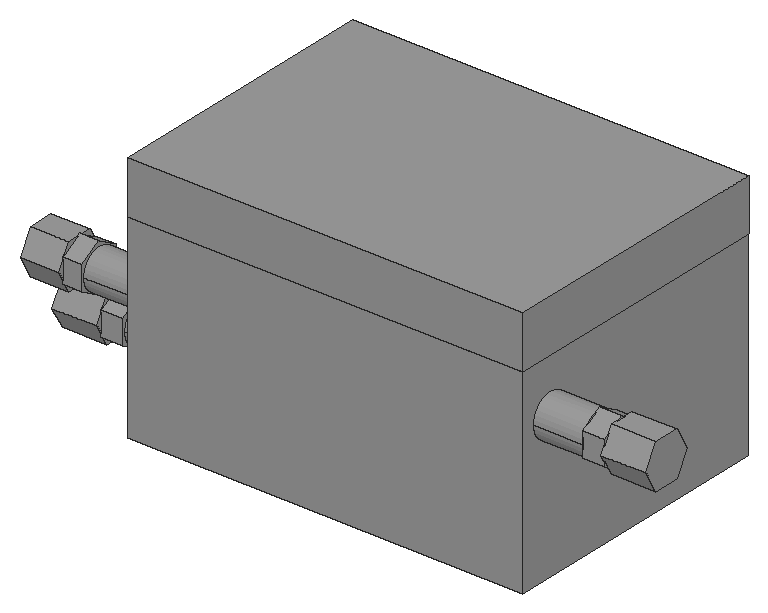
Revit family "BC_Hitachi_CH-BOX-CH-AP-SSX_LOD200", category Equipement de génie climatique, Revit 2015
Parameters (values of type "CH-AP160SSX")
  Refrigerant Gas Low Pressure Diameter = 19.05 mm
  Refrigerant Gas Diameter = 15.88 mm
  Rated Frequency (Hz) = "50"
  Product Code = "60292158"
  Overall Width = 301.00 mm
  Overall Height = 191.00 mm
  Overall Depth = 214.00 mm
  Nominal Voltage = 230 V
  Model = "Single CH-Box"
  Material Box = Par défaut
  Mass = 6.00 kg
  Gas Diameter = 15.88 mm
  Fabricant = "Hitachi"
  Description = "Single CH-Box"
  Commentaires du type = "CH-AP160SSX"
  CALC_Refrigerant Gas Right = 89.00 mm
  CALC_Refrigerant Gas Low Pressure Diameter = Refrigerant Gas Low Pressure Diameter + 15.00 mm / 2  # 26.55 mm
  CALC_Refrigerant Gas L Left = 250.00 mm
  CALC_Refrigerant Gas HL Left = 200.00 mm
  CALC_Refrigerant Gas Diameter = Refrigerant Gas Diameter + 15.00 mm  # 30.88 mm
Types (2, lengths in mm): name | Product Code | Overall Depth | Material Box | Description | Commentaires du type | CALC_Refrigerant Gas Right
  CH-AP160SSX | "60292158" | 214.00 | Par défaut | "Single CH-Box" | "CH-AP160SSX" | 89.00
  CH-AP280SSX | "60292159" | 180.00 | none | "Single CH-Box " | "CH-AP280SSX" | 96.00
Reference planes
  plane 1 "Centre (avant/arrière)": y = 0
  plane 2: z = 0
  plane 3 "Centre (gauche/droite)": x = 0
  plane 4 "Left": x = -150.5
  plane 5 "Front": y = -107
  plane 6 "Right": x = 150.5
  plane 7 "Back": y = 107
  plane 8: z = 191
  plane 9 "D": x = 239.5
  plane 10 "G1": x = -232.5
  plane 11 "G2": x = -239.5
  plane 12: y = -87
  plane 13: z = 94
  plane 14: y = -48
  plane 15: z = 40
  plane 16: y = -82
  plane 17: z = 111
  plane 18: z = 151
  plane 19: x = -188.5
  plane 20: x = 188.5
Forms (mm)
  Extrusion 1, solid, material "Par défaut" <- "Material Box"
    sketch origin (0, 0, 0) x (1, 0, 0) y (0, 1, 0)
      loop
        line (-150.5, 107) -> (-150.5, -107) -> (150.5, -107) -> (150.5, 107) -> (-150.5, 107)
    from 0 to 151
  Extrusion 2, solid, material "Par défaut" <- "Material Box"
    sketch origin (0, 0, 0) x (1, 0, 0) y (0, 1, 0)
      loop
        line (-150.5, 107) -> (-150.5, -107) -> (150.5, -107) -> (150.5, 107) -> (-150.5, 107)
    from 151 to 191
Dimensions and locks
  equal spacing: plane 4 "Left", plane 3 "Centre (gauche/droite)", plane 6 "Right"
  equal spacing: plane 5 "Front", plane 1 "Centre (avant/arrière)", plane 7 "Back"
  "Overall Width": plane 4 "Left" to plane 6 "Right"
  "Overall Depth": plane 5 "Front" to plane 7 "Back"
  "Overall Height": plane 8 to plane 2
  plane 12 to plane 5 "Front" = 20.00 mm
  plane 14 to plane 5 "Front" = 59.00 mm
  plane 13 to plane 2 = 94.00 mm
  plane 15 to plane 2 = 40.00 mm
  plane 18 to plane 2 = 151.00 mm
  plane 5 "Front" to plane 16 = 25.00 mm
  plane 17 to plane 2 = 111.00 mm
  "CALC_Refrigerant Gas Right": plane 6 "Right" to plane 9 "D"
  plane 10 "G1" to plane 4 "Left" = 82.00 mm
  plane 11 "G2" to plane 4 "Left" = 89.00 mm
  plane 19 to plane 4 "Left" = 38.00 mm
  plane 6 "Right" to plane 20 = 38.00 mm
  aligned and locked: level to plane 2
  aligned and locked: plane 18 to Extrusion 1
  aligned and locked: Extrusion 2 sketch curve to Extrusion 1  (x4)
  aligned and locked: Extrusion 2 to plane 18
  aligned and locked: plane 8 to Extrusion 2
  aligned and locked: nested 1 to plane 6 "Right"
  aligned and locked: nested 1 to plane 9 "D"
  aligned and locked: nested 1 to plane 16
  aligned and locked: plane 17 to nested 1
  aligned and locked: nested 2 to plane 12
  aligned and locked: nested 2 to plane 13
  aligned and locked: nested 3 to plane 14
  aligned and locked: nested 3 to plane 15
  aligned and locked: plane 10 "G1" to nested 2
  aligned and locked: nested 3 to plane 11 "G2"
Automatic sketch dimensions
  Extrusion 1 sketch curve to plane 4 "Left" = 0.00 mm
  Extrusion 1 sketch curve to plane 5 "Front" = 0.00 mm
  Extrusion 1 sketch curve to plane 6 "Right" = 0.00 mm
  plane 7 "Back" to Extrusion 1 sketch curve = 0.00 mm
Nested families
  nested 1: "PIPES_LOD200" at (150.5, -82, 111), type "PIPES_LOD200"
    with CALC_Screw TOP 2 89.00 mm, CALC_Screw TOP 1 34.00 mm, CALC_Screw Diam TOP 2 17.00 mm, CALC_Screw Diam TOP 25.00 mm, CALC_Screw Diam 16.00 mm, CALC_PipeDiam2 20.00 mm, CALC_PipeDiam1 32.00 mm, CALC_Pipe L2 130.00 mm, CALC_Pipe L1 38.00 mm
  nested 2: "PIPES_LOD200" at (-150.5, -87, 94) x (-1, 0, 0) z (0, 0, 1), type "PIPES_LOD200"
    with CALC_Screw TOP 2 82.00 mm, CALC_Screw TOP 1 29.333 mm, CALC_Screw Diam TOP 2 17.00 mm, CALC_Screw Diam TOP 25.00 mm, CALC_Screw Diam 16.00 mm, CALC_PipeDiam2 20.00 mm, CALC_PipeDiam1 30.00 mm, CALC_Pipe L2 130.00 mm, CALC_Pipe L1 38.00 mm
  nested 3: "PIPES_LOD200" at (-150.5, -48, 40) x (-1, 0, 0) z (0, 0, 1), type "PIPES_LOD200"
    with CALC_Screw TOP 2 89.00 mm, CALC_Screw TOP 1 34.00 mm, CALC_Screw Diam TOP 2 17.00 mm, CALC_Screw Diam TOP 25.00 mm, CALC_Screw Diam 16.00 mm, CALC_PipeDiam2 20.00 mm, CALC_PipeDiam1 30.00 mm, CALC_Pipe L2 130.00 mm, CALC_Pipe L1 38.00 mm
Connectors
  piping at (-239.5, -48, 40), diameter 15.88, driven by "Gas Diameter"
    settings: on nested 3, index 1, connector inside diameter 609.6 mm, connector length 0.00 mm, flow factor 0, pipe flow 0.0 L/s, pressure drop 0.0 Pa, fitting loss kfactor 0, connector angle 0.00°, fixture units 0, engagement length 0.00 mm, angle of deflection 0.00°, flow configuration 0, flow direction 0, fitting loss method 0, system type 22, joint type 0, gender type 0, connector reference index -1, connector utility 0, adjustable connector no, is connector primary yes, connector description ""
  piping at (-232.5, -87, 94), diameter 19.05, driven by "Refrigerant Gas Low Pressure Diameter"
    settings: on nested 2, index 2, connector inside diameter 609.6 mm, connector length 0.00 mm, flow factor 0, pipe flow 0.0 L/s, pressure drop 0.0 Pa, fitting loss kfactor 0, connector angle 0.00°, fixture units 0, engagement length 0.00 mm, angle of deflection 0.00°, flow configuration 0, flow direction 0, fitting loss method 0, system type 22, joint type 0, gender type 0, connector reference index -1, connector utility 0, adjustable connector no, is connector primary no, connector description ""
  piping at (239.5, -82, 111), diameter 15.88, driven by "Refrigerant Gas Diameter"
    settings: on nested 1, index 4, connector inside diameter 609.6 mm, connector length 0.00 mm, flow factor 0, pipe flow 0.0 L/s, pressure drop 0.0 Pa, fitting loss kfactor 0, connector angle 0.00°, fixture units 0, engagement length 0.00 mm, angle of deflection 0.00°, flow configuration 0, flow direction 0, fitting loss method 0, system type 22, joint type 0, gender type 0, connector reference index -1, connector utility 0, adjustable connector no, is connector primary no, connector description ""
Definition of nested family "PIPES_LOD200"
  Parameters (values of type "PIPES_LOD400")
    Material Screw = none
    Material Pipes = none
    Default Elevation = 1219.20 mm
    CALC_Screw TOP 2 [instance] = 96.00 mm
    CALC_Screw TOP 1 [instance] = (CALC_Screw TOP 2 - CALC_Pipe L1) * 2 / 3  # 38.667 mm
    CALC_Screw Diam TOP 2 [instance] = 25.00 mm
    CALC_Screw Diam TOP [instance] = 21.651 mm
    CALC_Screw Diam [instance] = 15.00 mm
    CALC_PipeDiam2 [instance] = 20.00 mm
    CALC_PipeDiam1 [instance] = 30.00 mm
    CALC_Pipe L2 [instance] = 130.00 mm
    CALC_Pipe L1 [instance] = 38.00 mm
    CALC_Angle Screw = 120.00°
  Reference planes
    plane 1 "Centre (avant/arrière)": y = 0
    plane 2: z = 0
    plane 3 "Centre (gauche/droite)": x = 0
    plane 4: x = 38
    plane 5: x = 57.333
    plane 6: x = 96
  Forms (mm)
    Extrusion 1, solid, material <- "Material Pipes"
      sketch origin (0, 0, 0) x (0, 1, 0) y (0, 0, 1)
        loop
          circle (0, 0) r 15
      from 0 to 38
    Extrusion 2, solid, material <- "Material Screw"
      sketch origin (0, 0, 0) x (0, 1, 0) y (0, 0, 1)
        loop
          line (0, 17.321) -> (-15, 8.66) -> (-15, -8.66) -> (0, -17.321) -> (15, -8.66) -> (15, 8.66) -> (0, 17.321)
      from 38 to 57.333
    Extrusion 3, solid, material <- "Material Screw"
      sketch origin (0, 0, 0) x (0, 1, 0) y (0, 0, 1)
        loop
          line (28.868, 0) -> (14.434, 25) -> (-14.434, 25) -> (-28.868, 0) -> (-14.434, -25) -> (14.434, -25) -> (28.868, 0)
      from 57.333 to 96
  Dimensions and locks
    "CALC_Screw Diam": Extrusion 2 sketch curve to plane 1 "Centre (avant/arrière)"  (x5)
    "CALC_Screw Diam": plane 1 "Centre (avant/arrière)" to Extrusion 2 sketch curve
    "CALC_Screw Diam TOP 2": Extrusion 3 sketch curve to plane 1 "Centre (avant/arrière)"  (x5)
    "CALC_Screw Diam TOP 2": Extrusion 3 sketch curve to plane 2
    "CALC_Screw TOP 2": plane 3 "Centre (gauche/droite)" to plane 6
    "CALC_Pipe L1": plane 3 "Centre (gauche/droite)" to plane 4
    "CALC_Screw TOP 1": plane 5 to plane 6
    "CALC_PipeDiam1": diameter of Extrusion 1 sketch curve
    "CALC_Angle Screw": angle Extrusion 2 sketch curve to Extrusion 2 sketch curve  (x3)
    "CALC_Angle Screw": angle Extrusion 3 sketch curve to Extrusion 3 sketch curve  (x3)
    aligned and locked: level to plane 2
    aligned and locked: Extrusion 3 to plane 6
    aligned and locked: plane 5 to Extrusion 3
    aligned and locked: Extrusion 2 to plane 5
    aligned and locked: plane 4 to Extrusion 2
    aligned and locked: plane 4 to Extrusion 1
  Automatic sketch dimensions
    Extrusion 1 sketch curve to level = 0.00 mm
    Extrusion 1 sketch curve to plane 1 "Centre (avant/arrière)" = 0.00 mm
    Extrusion 2 sketch curve to plane 1 "Centre (avant/arrière)" = 0.00 mm
    Extrusion 3 sketch curve to level = 0.00 mm
